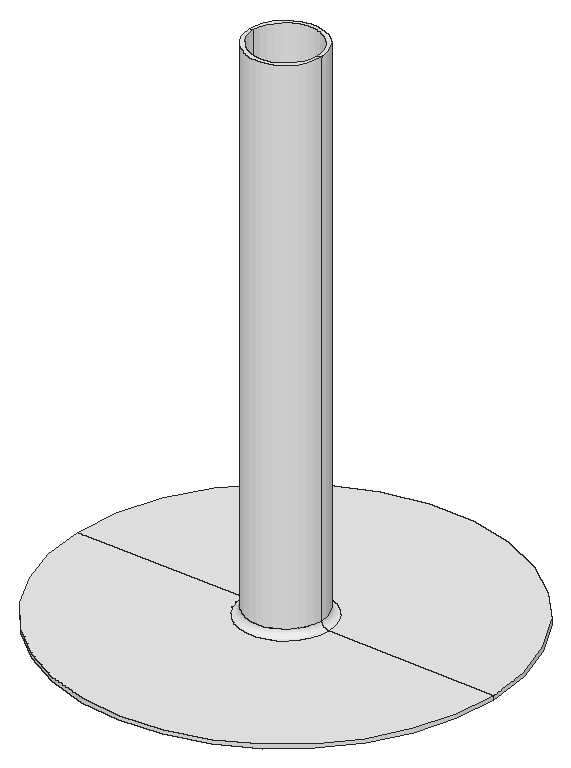
Revit family "Plumbing_Other-Plumbing_Menzies-Metal_Plumbing-Stack-Spun-Aluminum", category Plumbing Fixtures, host Face, Revit 2018
Family settings
  Host = Face
  Round Connector Dimension = Use Diameter
  Part Type = Normal
  OmniClass Number = 23.70.50.21.24.11
  OmniClass Title = Roof Waste Water Drains
  Cut with Voids When Loaded = No
  Shared = No
  Room Calculation Point = No
Parameters (values of type "1.5"")
  Weight = 0.75 lbf
  Waste Connection = no
  Vent Connection = yes
  URL = "https://www.menzies-metal.com/flat-roofing/plumbing-stack-spun-aluminum/"
  Product data url = "https://www.bimobject.com/menzies-metal/product/plumbing-stack-aluminum"
  Product Material = Metal - Menzies Metal Products - Aluminum
  Product Guid = "57e35c96-4b34-43d2-a524-159ca210876a"
  Pipe Length = 12"
  Pipe Diameter = 1 1/2"
  Note [instance] = "Available caps include the Menzies Econo Caps and Vandalproof Caps."  # constant formula
  Model = "400-4310"
  Manufacturer = "Menzies Metal Products"  # constant formula
  HW Connection = no
  Edition number = 1
  Drain Flow = 0 GPM
  Description = "Plumbing Stack Spun Aluminum"  # constant formula
  Default Elevation = 48"
  Cap [instance] = Plumbing_Other-Plumbing_Menzies-Metal_Cap : No Cap
  CW Connection = no
  Assembly Code = "D2040200"
Types (5): name | Weight | Pipe Diameter | Model
  2" | 0.80 lbf | 2" | "400-4315"
  3" | 1.10 lbf | 3" | "400-4320"
  4" | 1.30 lbf | 4" | "400-4325"
  1.5" | 0.75 lbf | 1 1/2" | "400-4310"
  5" | 1.50 lbf | 5" | "400-4330"
Reference planes (in)
  plane 1 "Center (Front/Back)": y = 0
  plane 2: z = 0
  plane 3 "Center (Left/Right)": x = 0
  plane 4: x = -0.75
  plane 5: x = 0.75
  plane 6: z = 12
  plane 7: x = -0.75
  plane 8: x = 0.75
  plane 9: z = 12
Forms (in)
  Revolve 1, solid, material "Metal - Menzies Metal Products - Aluminum", detail levels medium+fine
    sketch origin (0, 0, 0) x (1, 0, 0) y (0, 0, 1)
      loop
        line (-0.75, 12) -> (-0.84, 12) -> (-0.84, 0.25)
        arc (-0.84, 0.25) -> (-0.88686, 0.13686) -> (-1, 0.09) r 0.16
        line (-1, 0.09) -> (-4.84, 0.09) -> (-4.84, 0) -> (-1, 0)
        arc (-1, 0) -> (-0.82322, 0.07322) -> (-0.75, 0.25) r 0.25
        line (-0.75, 0.25) -> (-0.75, 12)
      axis (0, 12) -> (0, 0)
    angle from 0 to 360
  Revolve 2, solid, material "Metal - Menzies Metal Products - Aluminum", detail levels coarse
    sketch origin (0, 0, 0) x (1, 0, 0) y (0, 0, 1)
      loop
        line (-4.84, 0) -> (0, 0) -> (0, 12) -> (-0.84022, 12) -> (-0.84022, 0.09) -> (-4.84, 0.09) -> (-4.84, 0)
      axis (0, 12) -> (0, 0)
    angle from 0 to 360
Lines and regions (in)
  Masking region 1
    outline origin (0, 0, 0) x (1, 0, 0) y (0, 1, 0)
      loop
        circle (0, 0) r 4.84
  symbolic lines
    curve 1: arc (-0.84022, 0, 0) -> (0, 0.84022, 0) -> (0.84022, 0, 0) r 0.84022
    curve 2: arc (0.84022, 0, 0) -> (0, -0.84022, 0) -> (-0.84022, 0, 0) r 0.84022
    curve 3: arc (0.75, 0, 0) -> (0, -0.75, 0) -> (-0.75, 0, 0) r 0.75
    curve 4: arc (-0.75, 0, 0) -> (0, 0.75, 0) -> (0.75, 0, 0) r 0.75
Dimensions and locks (in)
  equal spacing: plane 5, plane 3 "Center (Left/Right)", plane 4
  "Pipe Length": plane 6 to host face
  Revolve 1 sketch curve to Revolve 1 sketch curve = 4"
  "Pipe Diameter": plane 5 to plane 4
  equal spacing: plane 8, plane 3 "Center (Left/Right)", plane 7
  "Pipe Diameter": plane 8 to plane 7
  "Pipe Length": plane 9 to host face
  aligned and locked: plane 2 to host face
  aligned and locked: level to host face
  aligned and locked: level to Revolve 1 sketch curve
  aligned and locked: Revolve 2 sketch curve to plane 3 "Center (Left/Right)"
  aligned and locked: Revolve 2 to Revolve 1
  aligned and locked: Revolve 1 sketch curve to plane 4
  aligned and locked: Revolve 2 sketch curve to Revolve 1  (x2)
  aligned and locked: plane 3 "Center (Left/Right)" to Revolve 2 sketch curve
  aligned and locked: Masking region 1 sketch curve to Revolve 2  (x2)
  aligned and locked: curve 1 to Revolve 2
  aligned and locked: curve 2 to Revolve 2
  aligned and locked: curve 3 to Revolve 1
  aligned and locked: curve 4 to Revolve 1
  aligned and locked: plane 3 "Center (Left/Right)" to nested 1
  aligned and locked: nested 1 to plane 1 "Center (Front/Back)"
Automatic sketch dimensions
  host sketch curve to host sketch curve = 94.66418"
  host sketch curve to host sketch curve = 96"
  Revolve 1 sketch curve to Revolve 1 sketch curve = 0"  (x2)
  Revolve 1 sketch curve to plane 6 = 0"
  Revolve 1 sketch curve to plane 3 "Center (Left/Right)" = 0"
  Revolve 1 sketch curve to plane 4 = 0.09"
  Revolve 1 sketch curve to Revolve 1 sketch curve = 0.16"
  Revolve 1 sketch curve to level = 24"
  plane 6 to Revolve 1 sketch curve = 89.60741"
  Revolve 2 sketch curve to plane 9 = 0"
  Revolve 2 sketch curve to level = 0"
  Revolve 2 sketch curve to plane 7 = 0.09022"
  Revolve 2 sketch curve to Revolve 2 sketch curve = 24"
  Revolve 2 sketch curve to Revolve 2 sketch curve = 81.66607"
Nested families (in)
  nested 1: "Plumbing_Other-Plumbing_Menzies-Metal_Cap" at (0, 0, 12) x (0, 1, 0) z (0, 0, 1), Pipe Diameter <- "Pipe Diameter", type <- "Cap", Product Material <- "Product Material", type "No Cap"
    with Weight 0.00 lbf, SKU "", Product Material Metal - Menzies Metal Products - Aluminum, Pipe Diameter 1 1/2", C_2 0.75", C 1.5", B_8 0.40625", B 3.25", Array 8, A_2 1.19", A 2.38"
Definition of nested family "Plumbing_Other-Plumbing_Menzies-Metal_Cap"
  Parameters (values of type "Econo Cap")
    Weight [instance] = if(and(not(Econo), not(Vandalproof)), 0.00 lbf, size_lookup(Lookup Table, "W", 0.00 lbf, Pipe Diameter))  # 0.28 lbf
    Waste Connection = no
    Vent Connection = no
    Vandalproof = no
    URL = "https://www.menzies-metal.com/"
    SKU [instance] = if(and(not(Econo), not(Vandalproof)), "", size_lookup(Lookup Table, "", "", Pipe Diameter))  # "400-3138"
    Product data url = ""
    Product Material [instance] = none
    Product Guid = ""
    Pipe Diameter [instance] = 1 1/2"
    Model = "400-3138"
    Manufacturer = "Menzies Metal Products"  # constant formula
    Lookup Table = "Econo Cap"
    HW Connection = no
    Edition number = 1
    Econo = yes
    Drain Flow = 0 GPM
    Description = "Econo Cap Spun Aluminum"
    Default Elevation = 48"
    CW Connection = no
    C_2 [instance] = C / 2  # 0.75"
    C [instance] = size_lookup(Lookup Table, "C", 1.13", Pipe Diameter)  # 1.5"
    B_8 [instance] = B / 8  # 0.40625"
    B [instance] = size_lookup(Lookup Table, "B", 3.25", Pipe Diameter)  # 3.25"
    Assembly Code = "D2040200"
    Array [instance] = if(Pipe Diameter = 1.25", 7, if(Pipe Diameter = 1.5", 8, if(Pipe Diameter = 2", 9, if(Pipe Diameter = 3", 10, if(Pipe Diameter = 4", 12, if(Pipe Diameter = 5", 14, if(Pipe Diameter = 6", 16, 6)))))))  # 8
    A_2 [instance] = A / 2  # 1.19"
    A [instance] = size_lookup(Lookup Table, "A", 2", Pipe Diameter)  # 2.38"
  Types (3): name | Weight | Vandalproof | URL | SKU | Model | Lookup Table | Econo | Description
    Econo Cap | 0.28 lbf | no | "https://www.menzies-metal.com/" | "400-3138" | "400-3138" | "Econo Cap" | yes | "Econo Cap Spun Aluminum"
    Vandalproof Cap | 0.33 lbf | yes | "https://www.menzies-metal.com/" | "400-4210" | "400-4210" | "Vandalproof Cap" | yes | "Vandalproof Cap Aluminum"
    No Cap | 0.00 lbf | no | "" | "" | "" | "Econo Cap" | no | ""
  Reference planes (in)
    plane 1 "Center (Front/Back)": y = 0
    plane 2: z = 0
    plane 3 "Center (Left/Right)": x = 0
    plane 4: z = 0.05
    plane 5: z = -0.35625
    plane 6: z = -0.7625
    plane 7: z = -2.79375
    plane 8: z = -2.3875
    plane 9: z = -3.2
    plane 10: z = -3.2
    plane 11: z = 3.3
    plane 12: z = 0.05
    plane 13: z = 0.40625
    plane 14: z = 0.20312
  Forms (in)
    Extrusion 1, solid
      sketch origin (0, 0, 0) x (1, 0, 0) y (0, 1, 0)
        loop
          line (-48, 48) -> (-48, -48) -> (46.66418, -48) -> (46.66418, 48) -> (-48, 48)
      from 0 to -12
    Revolve 2, solid, material <- "Product Material", visible <- "Econo"
      sketch origin (0, 0, 0) x (1, 0, 0) y (0, 0, 1)
        loop
          line (-1.49, -3.2) -> (-1.44, -3.2) -> (-1.44, -2.79375) -> (-1.19, -2.3875) -> (-1.19, 0) -> (-0.8, 0) -> (-0.8, -0.7625) -> (-0.75, -0.7625) -> (-0.75, 0.05) -> (-1.24, 0.05) -> (-1.24, -2.3875) -> (-1.49, -2.79375) -> (-1.49, -3.2)
        axis (0, 0.05) -> (0, -3.2)
      angle from 0 to 360
    Revolve 3, solid, material <- "Product Material", visible <- "Vandalproof"
      sketch origin (0, 0, 0) x (1, 0, 0) y (0, 0, 1)
        loop
          line (0, 3.3) -> (-1.24, 3.3) -> (-1.24, 0.40625) -> (-1.29, 0.05) -> (-1.29, -0.2) -> (-1.24, -0.2) -> (-1.24, 0.05) -> (-1.19, 0.40625) -> (-1.19, 3.25) -> (0, 3.25) -> (0, 3.3)
        axis (0, 3.3) -> (0, -0.2)
      angle from 0 to 360
    Extrusion 4, void
      sketch origin (0, 0, 0) x (1, 0, 0) y (0, 0, 1)
        loop
          line (-0.19967, 2.68677) -> (-0.19967, 0.71105)
          arc (-0.19967, 0.71105) -> (0, 0.51138) -> (0.19967, 0.71105) r 0.19967
          line (0.19967, 0.71105) -> (0.19967, 2.68677)
          arc (0.19967, 2.68677) -> (0, 2.88644) -> (-0.19967, 2.68677) r 0.19967
      from 0 to 12
    Extrusion 5, void
      sketch origin (0, 0, 0) x (0.707107, -0.707107, 0) y (0, 0, 1)
        loop
          line (-0.19967, 2.68677) -> (-0.19967, 0.71105)
          arc (-0.19967, 0.71105) -> (0, 0.51138) -> (0.19967, 0.71105) r 0.19967
          line (0.19967, 0.71105) -> (0.19967, 2.68677)
          arc (0.19967, 2.68677) -> (0, 2.88644) -> (-0.19967, 2.68677) r 0.19967
      from 0 to 12
    Extrusion 6, void
      sketch origin (0, 0, 0) x (0.707107, 0.707107, 0) y (0, 0, 1)
        loop
          line (-0.19967, 2.68677) -> (-0.19967, 0.71105)
          arc (-0.19967, 0.71105) -> (0, 0.51138) -> (0.19967, 0.71105) r 0.19967
          line (0.19967, 0.71105) -> (0.19967, 2.68677)
          arc (0.19967, 2.68677) -> (0, 2.88644) -> (-0.19967, 2.68677) r 0.19967
      from 0 to 12
    Extrusion 7, void
      sketch origin (0, 0, 0) x (0, 1, 0) y (0, 0, 1)
        loop
          line (-0.19967, 2.68677) -> (-0.19967, 0.71105)
          arc (-0.19967, 0.71105) -> (0, 0.51138) -> (0.19967, 0.71105) r 0.19967
          line (0.19967, 0.71105) -> (0.19967, 2.68677)
          arc (0.19967, 2.68677) -> (0, 2.88644) -> (-0.19967, 2.68677) r 0.19967
      from 0 to 12
    Extrusion 8, void
      sketch origin (0, 0, 0) x (-0.707107, 0.707107, 0) y (0, 0, 1)
        loop
          line (-0.19967, 2.68677) -> (-0.19967, 0.71105)
          arc (-0.19967, 0.71105) -> (0, 0.51138) -> (0.19967, 0.71105) r 0.19967
          line (0.19967, 0.71105) -> (0.19967, 2.68677)
          arc (0.19967, 2.68677) -> (0, 2.88644) -> (-0.19967, 2.68677) r 0.19967
      from 0 to 12
    Extrusion 9, void
      sketch origin (0, 0, 0) x (-1, 0, 0) y (0, 0, 1)
        loop
          line (-0.19967, 2.68677) -> (-0.19967, 0.71105)
          arc (-0.19967, 0.71105) -> (0, 0.51138) -> (0.19967, 0.71105) r 0.19967
          line (0.19967, 0.71105) -> (0.19967, 2.68677)
          arc (0.19967, 2.68677) -> (0, 2.88644) -> (-0.19967, 2.68677) r 0.19967
      from 0 to 12
    Extrusion 10, void
      sketch origin (0, 0, 0) x (-0.707107, -0.707107, 0) y (0, 0, 1)
        loop
          line (-0.19967, 2.68677) -> (-0.19967, 0.71105)
          arc (-0.19967, 0.71105) -> (0, 0.51138) -> (0.19967, 0.71105) r 0.19967
          line (0.19967, 0.71105) -> (0.19967, 2.68677)
          arc (0.19967, 2.68677) -> (0, 2.88644) -> (-0.19967, 2.68677) r 0.19967
      from 0 to 12
    Extrusion 11, void
      sketch origin (0, 0, 0) x (0, -1, 0) y (0, 0, 1)
        loop
          line (-0.19967, 2.68677) -> (-0.19967, 0.71105)
          arc (-0.19967, 0.71105) -> (0, 0.51138) -> (0.19967, 0.71105) r 0.19967
          line (0.19967, 0.71105) -> (0.19967, 2.68677)
          arc (0.19967, 2.68677) -> (0, 2.88644) -> (-0.19967, 2.68677) r 0.19967
      from 0 to 12
  Cuts and joins
    Extrusion 4, Extrusion 5, Extrusion 6, Extrusion 7, Extrusion 8, Extrusion 9, Extrusion 10, Extrusion 11 cuts Revolve 3
  Dimensions and locks (in)
    locked: Revolve 2 sketch curve to Revolve 2 sketch curve at 0.05  (x4)
    "C_2": Revolve 2 sketch curve to Revolve 2 sketch curve
    "A_2": Revolve 2 sketch curve to Revolve 2 sketch curve
    "B_8": plane 4 to plane 5
    "B_8": plane 5 to plane 6
    locked: Revolve 2 sketch curve to Revolve 2 sketch curve at 0.25
    "B": plane 4 to plane 9
    "B_8": plane 7 to plane 9
    "B_8": plane 8 to plane 7
    "B": plane 11 to plane 12
    "B": plane 12 to plane 10
    "A_2": plane 3 "Center (Left/Right)" to Revolve 3 sketch curve
    "B_8": plane 13 to Extrusion 1
    equal spacing: plane 13, plane 14, plane 2
    locked: plane 12 to Revolve 3 sketch curve at 0.25
    locked: Revolve 3 sketch curve to Revolve 3 sketch curve at 0.05  (x3)
    locked: plane 11 to Revolve 3 sketch curve at 0.05
    aligned and locked: plane 2 to Extrusion 1
    aligned and locked: level to Extrusion 1
    aligned and locked: Revolve 2 sketch curve to plane 3 "Center (Left/Right)"
    aligned and locked: Revolve 2 sketch curve to plane 6
    aligned and locked: plane 8 to Revolve 2 sketch curve  (x2)
    aligned and locked: plane 7 to Revolve 2 sketch curve  (x2)
    aligned and locked: plane 4 to Revolve 2 sketch curve
    aligned and locked: plane 12 to Revolve 2
    aligned and locked: plane 3 "Center (Left/Right)" to Revolve 3 sketch curve
    aligned and locked: Revolve 3 sketch curve to plane 3 "Center (Left/Right)"  (x2)
    aligned and locked: plane 11 to Revolve 3 sketch curve
  Automatic sketch dimensions
    Extrusion 1 sketch curve to Extrusion 1 sketch curve = 94.66418"
    Extrusion 1 sketch curve to Extrusion 1 sketch curve = 96"
    Revolve 2 sketch curve to level = 3.2"  (x2)
    plane 4 to Revolve 2 sketch curve = 0.25"
    Revolve 3 sketch curve to level = 0"
    Revolve 3 sketch curve to plane 12 = 0"  (x2)
    Revolve 3 sketch curve to plane 13 = 0"  (x2)
    plane 11 to Revolve 3 sketch curve = 0.75"
    Extrusion 4 sketch curve to Extrusion 4 sketch curve = 0.19967"
    Extrusion 4 sketch curve to Extrusion 4 sketch curve = 1.97572"
    Extrusion 5 sketch curve to Extrusion 5 sketch curve = 0.19967"
    Extrusion 5 sketch curve to Extrusion 5 sketch curve = 1.97572"
    Extrusion 6 sketch curve to Extrusion 6 sketch curve = 0.19967"
    Extrusion 6 sketch curve to Extrusion 6 sketch curve = 1.97572"
    Extrusion 7 sketch curve to Extrusion 7 sketch curve = 0.19967"
    Extrusion 7 sketch curve to Extrusion 7 sketch curve = 1.97572"
    Extrusion 8 sketch curve to Extrusion 8 sketch curve = 0.19967"
    Extrusion 8 sketch curve to Extrusion 8 sketch curve = 1.97572"
    Extrusion 9 sketch curve to Extrusion 9 sketch curve = 0.19967"
    Extrusion 9 sketch curve to Extrusion 9 sketch curve = 1.97572"
    Extrusion 10 sketch curve to Extrusion 10 sketch curve = 0.19967"
    Extrusion 10 sketch curve to Extrusion 10 sketch curve = 1.97572"
    Extrusion 11 sketch curve to Extrusion 11 sketch curve = 0.19967"
    Extrusion 11 sketch curve to Extrusion 11 sketch curve = 1.97572"
